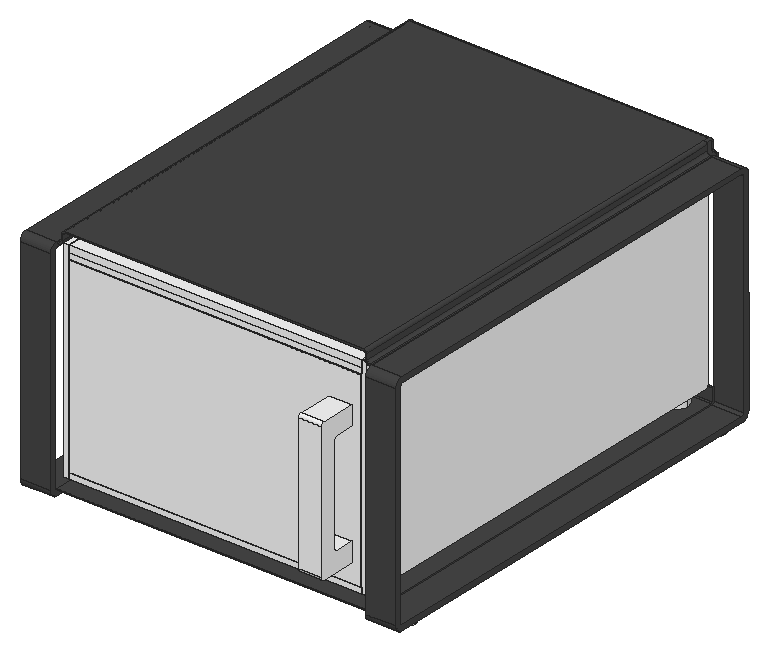
Revit family "QF_Vollrath_SBC12F-06", category Specialty Equipment, Revit 2016
Family settings
  Part Type = Normal
  Round Connector Dimension = Use Diameter
  OmniClass Number = 23.40.40.00
  OmniClass Title = Food Service Equipment and Furnishings
  Work Plane-Based = Yes
  Always vertical = Yes
  Cut with Voids When Loaded = No
  Shared = No
  Room Calculation Point = No
Parameters
  Width = 12 3/8"
  Weight in Pounds = 0
  Watermarked By = ""
  URL Cutsheet = ""
  Specification by User [instance] = ""
  Specification by Manufacturer [instance] = ""
  Serial Number [instance] = ""
  Revision Code [instance] = ""
  NAFEM Spec ID Number [instance] = ""
  Model = "SBC12F-06"
  Masterspec [instance] = ""
  Manufacturer = "Vollrath"
  Item Number [instance] = "-"
  Installed By [instance] = ""
  Height = 7 7/8"
  Furnished By [instance] = ""
  Foodservice Equipment Identifier = yes
  Description = "1/2 Display Bin with Front Doors & Black Frame"
  Depth = 14 1/2"
  Default Elevation = 48"
  CSI MasterFormat = ""
Reference planes (in)
  plane 1 "BACK": y = 0
  plane 2 "BOTTOM": z = 0
  plane 3 "LEFT": x = -16.56573
  plane 4 "RIGHT": x = -4.19073
  plane 5 "Front Inner": y = -14.5
  plane 6 "Bottom of Body": z = 0.16
  plane 7 "TOP": z = 8.035
  plane 8: z = 5.305
  plane 9 "Bottom Handle": z = 4.555
  plane 10 "Caster Left": x = -16.06573
  plane 11 "Caster Right": x = -4.69073
  plane 12 "Caster Back": y = -0.75
  plane 13 "Caster Front": y = -13.5
  plane 14 "Center LR": x = -10.37823
  plane 15 "L1": x = -15.56573
  plane 16: x = -5.19073
  plane 17: z = 0.25
Forms (in)
  Blend 1, solid, material "QF_Plastic-White-Transparent"
    base sketch origin (0, 0, 0) x (1, 0, 0) y (0, 1, 0)
      loop
        circle (-16.06573, -0.75) r 0.35
    top sketch origin (0, 0, 0) x (1, 0, 0) y (0, 1, 0)
      loop
        circle (-16.06573, -0.75) r 0.38
    from 0 to 0.16
  Blend 2, solid, material "QF_Plastic-White-Transparent"
    base sketch origin (0, 0, 0) x (1, 0, 0) y (0, 1, 0)
      loop
        circle (-4.69073, -0.75) r 0.35
    top sketch origin (0, 0, 0) x (1, 0, 0) y (0, 1, 0)
      loop
        circle (-4.69073, -0.75) r 0.38
    from 0 to 0.16
  Blend 3, solid, material "QF_Plastic-White-Transparent"
    base sketch origin (0, 0, 0) x (1, 0, 0) y (0, 1, 0)
      loop
        circle (-16.06573, -13.5) r 0.35
    top sketch origin (0, 0, 0) x (1, 0, 0) y (0, 1, 0)
      loop
        circle (-16.06573, -13.5) r 0.38
    from 0 to 0.16
  Blend 4, solid, material "QF_Plastic-White-Transparent"
    base sketch origin (0, 0, 0) x (1, 0, 0) y (0, 1, 0)
      loop
        circle (-4.69073, -13.5) r 0.35
    top sketch origin (0, 0, 0) x (1, 0, 0) y (0, 1, 0)
      loop
        circle (-4.69073, -13.5) r 0.38
    from 0 to 0.16
  Extrusion 5, solid, material "QF_Steel-Paint Finish-Black"
    sketch origin (-16.56573, 0, 0) x (0, 1, 0) y (0, 0, 1)
      loop
        arc (-0.25, 0.16) -> (-0.07322, 0.23322) -> (0, 0.41) r 0.25
        line (0, 0.41) -> (0, 7.41)
        arc (0, 7.41) -> (-0.07322, 7.58678) -> (-0.25, 7.66) r 0.25
        line (-0.25, 7.66) -> (-14.25, 7.66)
        arc (-14.25, 7.66) -> (-14.42678, 7.58678) -> (-14.5, 7.41) r 0.25
        line (-14.5, 7.41) -> (-14.5, 0.41)
        arc (-14.5, 0.41) -> (-14.42678, 0.23322) -> (-14.25, 0.16) r 0.25
        line (-14.25, 0.16) -> (-0.25, 0.16)
      loop
        arc (-0.17187, 7.41) -> (-0.19476, 7.46524) -> (-0.25, 7.48813) r 0.07813
        line (-0.25, 7.48813) -> (-14.25, 7.48813)
        arc (-14.25, 7.48813) -> (-14.30524, 7.46524) -> (-14.32813, 7.41) r 0.07813
        line (-14.32813, 7.41) -> (-14.32813, 0.41)
        arc (-14.32813, 0.41) -> (-14.30524, 0.35476) -> (-14.25, 0.33187) r 0.07813
        line (-14.25, 0.33187) -> (-0.25, 0.33187)
        arc (-0.25, 0.33187) -> (-0.19476, 0.35476) -> (-0.17187, 0.41) r 0.07813
        line (-0.17187, 0.41) -> (-0.17187, 7.41)
    from 0 to 1
  Extrusion 6, solid, material "QF_Steel-Paint Finish-Black"
    sketch origin (-4.19073, 0, 0) x (0, 1, 0) y (0, 0, 1)
      loop
        line (-14.25, 0.16) -> (-0.25, 0.16)
        arc (-0.25, 0.16) -> (-0.07322, 0.23322) -> (0, 0.41) r 0.25
        line (0, 0.41) -> (0, 7.41)
        arc (0, 7.41) -> (-0.07322, 7.58678) -> (-0.25, 7.66) r 0.25
        line (-0.25, 7.66) -> (-14.25, 7.66)
        arc (-14.25, 7.66) -> (-14.42678, 7.58678) -> (-14.5, 7.41) r 0.25
        line (-14.5, 7.41) -> (-14.5, 0.41)
        arc (-14.5, 0.41) -> (-14.42678, 0.23322) -> (-14.25, 0.16) r 0.25
      loop
        line (-14.25, 0.33187) -> (-0.25, 0.33187)
        arc (-0.25, 0.33187) -> (-0.19476, 0.35476) -> (-0.17188, 0.41) r 0.07813
        line (-0.17188, 0.41) -> (-0.17188, 7.41)
        arc (-0.17188, 7.41) -> (-0.19476, 7.46524) -> (-0.25, 7.48813) r 0.07813
        line (-0.25, 7.48813) -> (-14.25, 7.48813)
        arc (-14.25, 7.48813) -> (-14.30524, 7.46524) -> (-14.32812, 7.41) r 0.07813
        line (-14.32812, 7.41) -> (-14.32812, 0.41)
        arc (-14.32812, 0.41) -> (-14.30524, 0.35476) -> (-14.25, 0.33187) r 0.07813
    from 0 to -1
  Extrusion 7, solid, material "QF_Steel-Paint Finish-Black"
    sketch origin (-15.56573, 0, 0) x (0, 1, 0) y (0, 0, 1)
      loop
        arc (-0.25, 0.33187) -> (-0.19476, 0.35476) -> (-0.17187, 0.41) r 0.07813
        line (-0.17187, 0.41) -> (-0.17187, 0.83187) -> (-0.21187, 0.83187) -> (-0.21187, 0.41)
        arc (-0.21187, 0.41) -> (-0.22304, 0.38304) -> (-0.25, 0.37187) r 0.03813
        line (-0.25, 0.37187) -> (-14.25, 0.37187) -> (-14.25, 0.33187) -> (-0.25, 0.33187)
    from 0 to 10.375
  Extrusion 8, solid, material "QF_Steel-Paint Finish-Black"
    sketch origin (0, 0, 0) x (1, 0, 0) y (0, 0, 1)
      loop
        arc (-15.29573, 8.035) -> (-15.36644, 8.00571) -> (-15.39573, 7.935) r 0.1
        line (-15.39573, 7.935) -> (-15.39573, 7.76)
        arc (-15.39573, 7.76) -> (-15.42501, 7.68929) -> (-15.49573, 7.66) r 0.1
        line (-15.49573, 7.66) -> (-15.56573, 7.66) -> (-15.56573, 7.62) -> (-15.49573, 7.62)
        arc (-15.49573, 7.62) -> (-15.39673, 7.66101) -> (-15.35573, 7.76) r 0.14
        line (-15.35573, 7.76) -> (-15.35573, 7.935)
        arc (-15.35573, 7.935) -> (-15.33815, 7.97743) -> (-15.29573, 7.995) r 0.06
        line (-15.29573, 7.995) -> (-5.46073, 7.995)
        arc (-5.46073, 7.995) -> (-5.4183, 7.97743) -> (-5.40073, 7.935) r 0.06
        line (-5.40073, 7.935) -> (-5.40073, 7.76)
        arc (-5.40073, 7.76) -> (-5.35972, 7.66101) -> (-5.26073, 7.62) r 0.14
        line (-5.26073, 7.62) -> (-5.19073, 7.62) -> (-5.19073, 7.66) -> (-5.26073, 7.66)
        arc (-5.26073, 7.66) -> (-5.33144, 7.68929) -> (-5.36073, 7.76) r 0.1
        line (-5.36073, 7.76) -> (-5.36073, 7.935)
        arc (-5.36073, 7.935) -> (-5.39001, 8.00571) -> (-5.46073, 8.035) r 0.1
        line (-5.46073, 8.035) -> (-15.29573, 8.035)
    from 0.25 to 14.25
  Extrusion 9, solid, material "QF_Steel-Paint Finish-Black"
    sketch origin (-15.56573, 0, 0) x (0, 1, 0) y (0, 0, 1)
      loop
        line (-0.25, 8.035) -> (-0.25, 7.995) -> (-0.04, 7.995) -> (-0.04, 7.535) -> (0, 7.535) -> (0, 7.997)
        arc (0, 7.997) -> (-0.01113, 8.02387) -> (-0.038, 8.035) r 0.038
        line (-0.038, 8.035) -> (-0.25, 8.035)
    from 0 to 10.375
  Extrusion 10, void
    sketch origin (0, 0, 0) x (1, 0, 0) y (0, 0, 1)
      loop
        arc (-15.49573, 7.66) -> (-15.42501, 7.68929) -> (-15.39573, 7.76) r 0.1
        line (-15.39573, 7.76) -> (-15.39573, 7.935)
        arc (-15.39573, 7.935) -> (-15.36644, 8.00571) -> (-15.29573, 8.035) r 0.1
        line (-15.29573, 8.035) -> (-15.56573, 8.035) -> (-15.56573, 7.66) -> (-15.49573, 7.66)
      loop
        line (-5.26073, 7.66) -> (-5.19073, 7.66) -> (-5.19073, 8.035) -> (-5.46073, 8.035)
        arc (-5.46073, 8.035) -> (-5.39001, 8.00571) -> (-5.36073, 7.935) r 0.1
        line (-5.36073, 7.935) -> (-5.36073, 7.76)
        arc (-5.36073, 7.76) -> (-5.33144, 7.68929) -> (-5.26073, 7.66) r 0.1
    from 0 to 1
Cuts and joins
  Extrusion 10 cuts Extrusion 8
  Extrusion 10 cuts Extrusion 9
  joined: Extrusion 8, Extrusion 9
Lines and regions (in)
  symbolic lines
    curve 1: line (-16.56573, 0, 0) -> (-4.19073, 0, 0)
    curve 2: line (-16.56573, -14.5, 0) -> (-16.56573, 0, 0)
    curve 3: line (-4.19073, 0, 0) -> (-4.19073, -14.5, 0)
    curve 6: line (-16.56573, -14.5, 0) -> (-15.56573, -14.5, 0)
    curve 7: line (-4.19073, -14.5, 0) -> (-5.19073, -14.5, 0)
  symbolic lines, style "QF_Details_Surface"
    curve 4: line (-15.56573, -14.5, 0) -> (-15.56573, 0, 0)
    curve 5: line (-5.19073, 0, 0) -> (-5.19073, -14.5, 0)
    curve 8: line (-15.56573, -14.25, 0) -> (-5.19073, -14.25, 0)
Dimensions and locks (in)
  "Width": plane 3 "LEFT" to plane 4 "RIGHT"
  "Depth": plane 5 "Front Inner" to plane 1 "BACK"
  locked: plane 6 "Bottom of Body" to plane 2 "BOTTOM" at 0.16
  "Height": plane 7 "TOP" to plane 6 "Bottom of Body"
  plane 7 "TOP" to plane 8 = 2.73"
  locked: plane 8 to plane 9 "Bottom Handle" at 0.75
  locked: plane 12 "Caster Back" to plane 1 "BACK" at 0.75
  locked: plane 5 "Front Inner" to plane 13 "Caster Front" at 1
  equal spacing: plane 3 "LEFT", plane 14 "Center LR", plane 4 "RIGHT"
  locked: plane 3 "LEFT" to plane 15 "L1" at 1
  locked: plane 16 to plane 4 "RIGHT" at 1
  equal spacing: plane 3 "LEFT", plane 10 "Caster Left", plane 15 "L1"
  equal spacing: plane 16, plane 11 "Caster Right", plane 4 "RIGHT"
  locked: plane 17 to plane 2 "BOTTOM" at 0.25
  aligned and locked: level to plane 2 "BOTTOM"
  aligned and locked: plane 6 "Bottom of Body" to Blend 1
  aligned and locked: plane 6 "Bottom of Body" to Blend 2
  aligned and locked: plane 6 "Bottom of Body" to Blend 3
  aligned and locked: plane 6 "Bottom of Body" to Blend 4
  aligned and locked: Extrusion 5 sketch curve to plane 5 "Front Inner"
  aligned and locked: Extrusion 5 sketch curve to plane 6 "Bottom of Body"
  aligned and locked: plane 1 "BACK" to Extrusion 5 sketch curve
  aligned and locked: plane 16 to Extrusion 7
  aligned and locked: plane 16 to Extrusion 8 sketch curve
  aligned and locked: plane 15 "L1" to Extrusion 8 sketch curve
  aligned and locked: plane 16 to Extrusion 9
  aligned and locked: curve 4 to Extrusion 5
  aligned and locked: curve 5 to Extrusion 6
  aligned and locked: curve 6 to Extrusion 5
  aligned and locked: curve 7 to Extrusion 6
  aligned and locked: curve 8 to Extrusion 7
  aligned and locked: plane 14 "Center LR" to nested 1
Automatic sketch dimensions
  Blend 1 sketch curve to plane 10 "Caster Left" = 0"  (x2)
  plane 12 "Caster Back" to Blend 1 sketch curve = 0"  (x2)
  Blend 2 sketch curve to plane 11 "Caster Right" = 0"  (x2)
  plane 12 "Caster Back" to Blend 2 sketch curve = 0"  (x2)
  Blend 3 sketch curve to plane 10 "Caster Left" = 0"  (x2)
  plane 13 "Caster Front" to Blend 3 sketch curve = 0"  (x2)
  Blend 4 sketch curve to plane 11 "Caster Right" = 0"  (x2)
  plane 13 "Caster Front" to Blend 4 sketch curve = 0"  (x2)
  Extrusion 5 sketch curve to plane 5 "Front Inner" = 1/4"  (x2)
  plane 1 "BACK" to Extrusion 5 sketch curve = 1/4"  (x2)
  Extrusion 5 sketch curve to plane 7 "TOP" = 5/8"
  Extrusion 5 sketch curve to Extrusion 5 sketch curve = 0"  (x7)
  Extrusion 5 sketch curve to plane 5 "Front Inner" = 11/64"
  Extrusion 6 sketch curve to Extrusion 6 sketch curve = 0"  (x8)
  Extrusion 6 sketch curve to plane 5 "Front Inner" = 0"
  Extrusion 6 sketch curve to plane 6 "Bottom of Body" = 0"
  Extrusion 6 sketch curve to plane 1 "BACK" = 0"
  Extrusion 6 sketch curve to Extrusion 6 sketch curve = 11/64"
  Extrusion 6 sketch curve to plane 5 "Front Inner" = 1/4"
  Extrusion 6 sketch curve to Extrusion 6 sketch curve = 5/64"  (x2)
  plane 1 "BACK" to Extrusion 6 sketch curve = 1/4"
  Extrusion 6 sketch curve to plane 7 "TOP" = 5/8"
  Extrusion 7 sketch curve to Extrusion 7 sketch curve = 0"  (x2)
  plane 1 "BACK" to Extrusion 7 sketch curve = 1/4"
  plane 1 "BACK" to Extrusion 7 sketch curve = 0.21187"
  Extrusion 7 sketch curve to Extrusion 7 sketch curve = 0.04"
  plane 17 to Extrusion 7 sketch curve = 0.08188"
  Extrusion 7 sketch curve to Extrusion 7 sketch curve = 27/64"
  Extrusion 7 sketch curve to plane 5 "Front Inner" = 1/4"
  Extrusion 8 sketch curve to Extrusion 8 sketch curve = 0"  (x8)
  Extrusion 8 sketch curve to plane 7 "TOP" = 0"
  plane 15 "L1" to Extrusion 8 sketch curve = 0.07"
  Extrusion 8 sketch curve to Extrusion 8 sketch curve = 0.1"
  Extrusion 8 sketch curve to Extrusion 8 sketch curve = 0.04"
  Extrusion 8 sketch curve to Extrusion 8 sketch curve = 0.06"  (x2)
  Extrusion 8 sketch curve to plane 16 = 0.27"
  Extrusion 8 sketch curve to plane 16 = 0.07"
  Extrusion 8 sketch curve to Extrusion 8 sketch curve = 0.175"  (x2)
  Extrusion 9 sketch curve to plane 7 "TOP" = 0"
  Extrusion 9 sketch curve to plane 1 "BACK" = 0"
  plane 1 "BACK" to Extrusion 9 sketch curve = 0.038"
  Extrusion 9 sketch curve to Extrusion 9 sketch curve = 0.002"  (x2)
  Extrusion 9 sketch curve to Extrusion 9 sketch curve = 0.46"
  Extrusion 9 sketch curve to Extrusion 9 sketch curve = 0.212"
  Extrusion 10 sketch curve to plane 15 "L1" = 0"
  Extrusion 10 sketch curve to plane 7 "TOP" = 0"  (x3)
  Extrusion 10 sketch curve to plane 16 = 0"
  plane 15 "L1" to Extrusion 10 sketch curve = 0.07"
  Extrusion 10 sketch curve to plane 7 "TOP" = 0.1"  (x2)
  plane 15 "L1" to Extrusion 10 sketch curve = 0.17"
  Extrusion 10 sketch curve to plane 16 = 0.27"
  Extrusion 10 sketch curve to plane 16 = 0.07"
  Extrusion 10 sketch curve to Extrusion 10 sketch curve = 0.175"  (x2)
  Extrusion 10 sketch curve to Extrusion 10 sketch curve = 0"
  plane 1 "BACK" to curve 1 = 0"
  curve 1 to plane 3 "LEFT" = 0"
  curve 3 to plane 4 "RIGHT" = 0"
  radius of Blend 1 sketch curve = 0.35"
  radius of Blend 1 sketch curve = 0.38"
  radius of Blend 2 sketch curve = 0.35"
  radius of Blend 2 sketch curve = 0.38"
  radius of Blend 3 sketch curve = 0.35"
  radius of Blend 3 sketch curve = 0.38"
  radius of Blend 4 sketch curve = 0.35"
  radius of Blend 4 sketch curve = 0.38"
Nested families (in)
  nested 1: "QF_Vollrath_SBC12F-06_Case" at (-21.94395, -0.2, 0.37187) x (-1, 0, 0) z (0, 0, 1), type "QF_Vollrath_SBC12F-06_Case"
    with Width 10", Specification by User "", Specification by Manufacturer "", Serial Number "", Revision Code "", NAFEM Spec ID Number "", Masterspec "", Item Number "-", Installed By "", Height 6 233/256", Furnished By "", Depth 14"
Definition of nested family "QF_Vollrath_SBC12F-06_Case"
  Parameters
    Width [instance] = 10"
    Weight in Pounds = 0
    Watermarked By = ""
    URL Cutsheet = ""
    Specification by User [instance] = ""
    Specification by Manufacturer [instance] = ""
    Serial Number [instance] = ""
    Revision Code [instance] = ""
    NAFEM Spec ID Number [instance] = ""
    Model = "SBC12"
    Masterspec [instance] = ""
    Manufacturer = "Vollrath"
    Item Number [instance] = "-"
    Installed By [instance] = ""
    Height [instance] = 7 3/8"
    Furnished By [instance] = ""
    Foodservice Equipment Identifier = yes
    Description = "1/2 Display Bin with Front Door"
    Depth [instance] = 14"
    Default Elevation = 48"
    CSI MasterFormat = ""
  Reference planes (in)
    plane 1 "BACK": y = 0
    plane 2 "BOTTOM": z = 0
    plane 3 "LEFT": x = -16.56573
    plane 4 "RIGHT": x = -6.56573
    plane 5 "Front Inner": y = -14
    plane 6 "FRONT": y = -15.2462
    plane 7 "Bottom of Body": z = 0.38
    plane 8 "TOP": z = 7.755
    plane 9 "Caster Left": x = -16.00573
    plane 10 "Caster Right": x = -7.12573
    plane 11 "Caster Back": y = -0.56
    plane 12 "Caster Front": y = -13
    plane 13 "Center LR": x = -11.56573
    plane 14 "Handle Left": x = -16.06573
    plane 15: x = -15.31573
    plane 16: z = 1.19
    plane 17: z = 1.83
    plane 18: z = 5.68
    plane 19: z = 6.32
  Forms (in)
    Extrusion 1, solid
      sketch origin (0, 0, 0) x (1, 0, 0) y (0, 0, 1)
        loop
          line (-16.56573, 7.755) -> (-16.56573, 0.38) -> (-16.39573, 0.38) -> (-16.39573, 7.755) -> (-16.56573, 7.755)
      from 0 to 14
    Extrusion 2, solid
      sketch origin (0, 0, 0) x (1, 0, 0) y (0, 0, 1)
        loop
          line (-6.56573, 7.755) -> (-6.73573, 7.755) -> (-6.73573, 0.38) -> (-6.56573, 0.38) -> (-6.56573, 7.755)
      from 0 to 14
    Extrusion 3, solid
      sketch origin (0, 0, 0) x (1, 0, 0) y (0, 0, 1)
        loop
          line (-16.39573, 0.38) -> (-6.73573, 0.38) -> (-6.73573, 0.55) -> (-16.39573, 0.55) -> (-16.39573, 0.38)
      from 0 to 14
    Extrusion 4, solid
      sketch origin (0, 0, 0) x (1, 0, 0) y (0, 0, 1)
        loop
          line (-16.39573, 7.755) -> (-16.39573, 7.505) -> (-6.73573, 7.505) -> (-6.73573, 7.755) -> (-16.39573, 7.755)
      from 0 to 14
    Extrusion 5, solid
      sketch origin (0, 0, 0) x (1, 0, 0) y (0, 0, 1)
        loop
          line (-16.39573, 7.505) -> (-16.39573, 7.335) -> (-6.73573, 7.335) -> (-6.73573, 7.505) -> (-16.39573, 7.505)
      from 0 to 14
    Extrusion 6, solid
      sketch origin (0, 0, 0) x (1, 0, 0) y (0, 0, 1)
        loop
          line (-6.73573, 7.335) -> (-16.39573, 7.335) -> (-16.39573, 0.55) -> (-6.73573, 0.55) -> (-6.73573, 7.335)
      from 0 to 0.17
    Extrusion 7, solid
      sketch origin (0, -14, 0) x (1, 0, 0) y (0, 0, 1)
        loop
          arc (-6.79573, 0.58) -> (-6.77451, 0.58879) -> (-6.76573, 0.61) r 0.03
          line (-6.76573, 0.61) -> (-6.76573, 7.275)
          arc (-6.76573, 7.275) -> (-6.77451, 7.29621) -> (-6.79573, 7.305) r 0.03
          line (-6.79573, 7.305) -> (-16.33573, 7.305)
          arc (-16.33573, 7.305) -> (-16.35694, 7.29621) -> (-16.36573, 7.275) r 0.03
          line (-16.36573, 7.275) -> (-16.36573, 0.61)
          arc (-16.36573, 0.61) -> (-16.35694, 0.58879) -> (-16.33573, 0.58) r 0.03
          line (-16.33573, 0.58) -> (-6.79573, 0.58)
      from 0 to -0.17
    Extrusion 8, solid
      sketch origin (0, -14, 0) x (1, 0, 0) y (0, 0, 1)
        loop
          line (-16.36573, 4.175) -> (-16.36573, 0.61)
          arc (-16.36573, 0.61) -> (-16.35694, 0.58879) -> (-16.33573, 0.58) r 0.03
          line (-16.33573, 0.58) -> (-6.79573, 0.58)
          arc (-6.79573, 0.58) -> (-6.77451, 0.58879) -> (-6.76573, 0.61) r 0.03
          line (-6.76573, 0.61) -> (-6.76573, 4.175) -> (-6.93573, 4.175) -> (-6.93573, 0.75) -> (-16.19573, 0.75) -> (-16.19573, 4.175) -> (-16.36573, 4.175)
      from -0.17 to -13.44
    Extrusion 9, solid
      sketch origin (0, -0.56, 0) x (1, 0, 0) y (0, 0, 1)
        loop
          line (-6.76573, 4.555) -> (-16.36573, 4.555) -> (-16.36573, 0.61)
          arc (-16.36573, 0.61) -> (-16.35694, 0.58879) -> (-16.33573, 0.58) r 0.03
          line (-16.33573, 0.58) -> (-6.79573, 0.58)
          arc (-6.79573, 0.58) -> (-6.77451, 0.58879) -> (-6.76573, 0.61) r 0.03
          line (-6.76573, 0.61) -> (-6.76573, 4.555)
      from 0 to -0.17
    Blend 10, solid
      base sketch origin (0, 0, 0) x (1, 0, 0) y (0, 1, 0)
        loop
          circle (-16.00573, -0.56) r 0.35
      top sketch origin (0, 0, 0) x (1, 0, 0) y (0, 1, 0)
        loop
          circle (-16.00573, -0.56) r 0.38
      from 0 to 0.38
    Blend 11, solid
      base sketch origin (0, 0, 0) x (1, 0, 0) y (0, 1, 0)
        loop
          circle (-7.12573, -0.56) r 0.35
      top sketch origin (0, 0, 0) x (1, 0, 0) y (0, 1, 0)
        loop
          circle (-7.12573, -0.56) r 0.38
      from 0 to 0.38
    Blend 12, solid
      base sketch origin (0, 0, 0) x (1, 0, 0) y (0, 1, 0)
        loop
          circle (-16.00573, -13) r 0.35
      top sketch origin (0, 0, 0) x (1, 0, 0) y (0, 1, 0)
        loop
          circle (-16.00573, -13) r 0.38
      from 0 to 0.38
    Blend 13, solid
      base sketch origin (0, 0, 0) x (1, 0, 0) y (0, 1, 0)
        loop
          circle (-7.12573, -13) r 0.35
      top sketch origin (0, 0, 0) x (1, 0, 0) y (0, 1, 0)
        loop
          circle (-7.12573, -13) r 0.38
      from 0 to 0.38
    Extrusion 14, solid
      sketch origin (-16.06573, 0, 0) x (0, 1, 0) y (0, 0, 1)
        loop
          line (-14, 1.19) -> (-14, 1.83) -> (-14.64464, 1.83)
          arc (-14.64464, 1.83) -> (-14.71645, 1.85975) -> (-14.7462, 1.93156) r 0.10156
          line (-14.7462, 1.93156) -> (-14.7462, 5.57844)
          arc (-14.7462, 5.57844) -> (-14.71645, 5.65025) -> (-14.64464, 5.68) r 0.10156
          line (-14.64464, 5.68) -> (-14, 5.68) -> (-14, 6.32) -> (-15.14464, 6.32)
          arc (-15.14464, 6.32) -> (-15.21645, 6.29025) -> (-15.2462, 6.21844) r 0.10156
          line (-15.2462, 6.21844) -> (-15.2462, 1.29156)
          arc (-15.2462, 1.29156) -> (-15.21645, 1.21975) -> (-15.14464, 1.19) r 0.10156
          line (-15.14464, 1.19) -> (-14, 1.19)
      from 0 to 0.75
    Extrusion 15, solid, detail levels coarse+medium
      sketch origin (0, 0, 7.755) x (0, 1, 0) y (-1, 0, 0)
        loop
          arc (-14, 16.56573) -> (-21.07107, 13.63679) -> (-24, 6.56573) r 10
          line (-24, 6.56573) -> (-14, 6.56573) -> (-14, 16.56573)
      from 0 to -7.375
  Lines and regions (in)
    symbolic lines
      curve 1: line (-16.56573, 0, 0) -> (-6.56573, 0, 0)
      curve 2: line (-16.56573, -14, 0) -> (-16.56573, 0, 0)
      curve 3: line (-6.56573, -14, 0) -> (-16.56573, -14, 0)
      curve 4: line (-6.56573, 0, 0) -> (-6.56573, -14, 0)
      curve 5: line (-15.31573, -15.2462, 0) -> (-15.31573, -14, 0)
      curve 6: line (-15.31573, -15.2462, 0) -> (-16.06573, -15.2462, 0)
      curve 7: line (-16.06573, -14, 0) -> (-16.06573, -15.2462, 0)
      curve 8: line (-6.56573, -24, 7.755) -> (-6.56573, -14, 7.755)
      curve 9: arc (-16.56573, -14, 7.755) -> (-13.63679, -21.07107, 7.755) -> (-6.56573, -24, 7.755) r 10
  Dimensions and locks (in)
    "Width": plane 3 "LEFT" to plane 4 "RIGHT"
    "Depth": plane 5 "Front Inner" to plane 1 "BACK"
    locked: plane 6 "FRONT" to plane 5 "Front Inner" at 1.2462
    locked: plane 7 "Bottom of Body" to plane 2 "BOTTOM" at 0.38
    "Height": plane 8 "TOP" to plane 7 "Bottom of Body"
    locked: plane 3 "LEFT" to plane 9 "Caster Left" at 0.56
    locked: plane 10 "Caster Right" to plane 4 "RIGHT" at 0.56
    locked: plane 11 "Caster Back" to plane 1 "BACK" at 0.56
    locked: plane 5 "Front Inner" to plane 12 "Caster Front" at 1
    locked: plane 3 "LEFT" to Extrusion 1 sketch curve at 0.17
    locked: Extrusion 2 sketch curve to plane 4 "RIGHT" at 0.17
    locked: Extrusion 3 sketch curve to plane 7 "Bottom of Body" at 0.17
    locked: plane 8 "TOP" to Extrusion 5 sketch curve at 0.42
    locked: plane 8 "TOP" to Extrusion 5 sketch curve at 0.25
    equal spacing: plane 3 "LEFT", plane 13 "Center LR", plane 4 "RIGHT"
    locked: plane 3 "LEFT" to plane 14 "Handle Left" at 0.5
    locked: plane 14 "Handle Left" to plane 15 at 0.75
    locked: plane 16 to plane 7 "Bottom of Body" at 0.81
    locked: plane 17 to plane 16 at 0.64
    locked: plane 19 to plane 18 at 0.64
    locked: plane 8 "TOP" to plane 19 at 1.435
    aligned and locked: level to plane 2 "BOTTOM"
    aligned and locked: Extrusion 1 sketch curve to plane 3 "LEFT"
    aligned and locked: plane 8 "TOP" to Extrusion 1 sketch curve
    aligned and locked: Extrusion 1 sketch curve to plane 7 "Bottom of Body"
    aligned and locked: Extrusion 2 sketch curve to plane 4 "RIGHT"
    aligned and locked: Extrusion 2 sketch curve to plane 7 "Bottom of Body"
    aligned and locked: plane 8 "TOP" to Extrusion 2 sketch curve
    aligned and locked: plane 5 "Front Inner" to Extrusion 1
    aligned and locked: plane 5 "Front Inner" to Extrusion 2
    aligned and locked: Extrusion 3 sketch curve to plane 7 "Bottom of Body"
    aligned and locked: Extrusion 3 sketch curve to Extrusion 1
    aligned and locked: Extrusion 3 sketch curve to Extrusion 2
    aligned and locked: Extrusion 4 sketch curve to plane 8 "TOP"
    aligned and locked: Extrusion 1 to Extrusion 4 sketch curve
    aligned and locked: Extrusion 4 sketch curve to Extrusion 2
    aligned and locked: Extrusion 1 to Extrusion 5 sketch curve
    aligned and locked: Extrusion 5 sketch curve to Extrusion 2
    aligned and locked: plane 5 "Front Inner" to Extrusion 4
    aligned and locked: plane 5 "Front Inner" to Extrusion 5
    aligned and locked: plane 5 "Front Inner" to Extrusion 3
    aligned and locked: Extrusion 6 sketch curve to Extrusion 5  (x2)
    aligned and locked: Extrusion 6 sketch curve to Extrusion 3  (x2)
    aligned and locked: plane 7 "Bottom of Body" to Blend 10
    aligned and locked: plane 7 "Bottom of Body" to Blend 11
    aligned and locked: plane 7 "Bottom of Body" to Blend 12
    aligned and locked: plane 7 "Bottom of Body" to Blend 13
    aligned and locked: curve 1 to Extrusion 1
    aligned and locked: curve 2 to Extrusion 1
    aligned and locked: curve 3 to Extrusion 2
    aligned and locked: curve 4 to Extrusion 2
    aligned and locked: plane 5 "Front Inner" to Extrusion 14 sketch curve  (x2)
    aligned and locked: plane 6 "FRONT" to Extrusion 14 sketch curve
    aligned and locked: plane 19 to Extrusion 14 sketch curve
    aligned and locked: plane 18 to Extrusion 14 sketch curve
    aligned and locked: Extrusion 14 sketch curve to plane 16
    aligned and locked: Extrusion 14 sketch curve to plane 17
    aligned and locked: plane 15 to Extrusion 14
    aligned and locked: curve 5 to Extrusion 14
    aligned and locked: curve 6 to plane 6 "FRONT"
    aligned and locked: curve 7 to Extrusion 14
    aligned and locked: plane 5 "Front Inner" to Extrusion 15 sketch curve
    aligned and locked: Extrusion 15 sketch curve to plane 4 "RIGHT"
    aligned and locked: Extrusion 15 to plane 7 "Bottom of Body"
    aligned and locked: curve 8 to Extrusion 15
    aligned and locked: curve 9 to Extrusion 15
  Automatic sketch dimensions
    Extrusion 4 sketch curve to Extrusion 4 sketch curve = 1/4"
    plane 3 "LEFT" to Extrusion 7 sketch curve = 0.2"
    Extrusion 7 sketch curve to Extrusion 7 sketch curve = 0.03"  (x3)
    Extrusion 7 sketch curve to plane 4 "RIGHT" = 0.23"  (x2)
    plane 7 "Bottom of Body" to Extrusion 7 sketch curve = 0.2"
    Extrusion 7 sketch curve to plane 8 "TOP" = 0.48"
    plane 3 "LEFT" to Extrusion 8 sketch curve = 0.2"
    Extrusion 8 sketch curve to Extrusion 8 sketch curve = 0.03"  (x2)
    Extrusion 8 sketch curve to plane 9 "Caster Left" = 0.19"
    plane 10 "Caster Right" to Extrusion 8 sketch curve = 0.19"
    Extrusion 8 sketch curve to Extrusion 8 sketch curve = 0.14"  (x2)
    plane 7 "Bottom of Body" to Extrusion 8 sketch curve = 0.2"
    plane 3 "LEFT" to Extrusion 9 sketch curve = 0.2"
    Extrusion 9 sketch curve to plane 4 "RIGHT" = 0.2"
    plane 7 "Bottom of Body" to Extrusion 9 sketch curve = 0.23"
    Extrusion 9 sketch curve to Extrusion 9 sketch curve = 0.03"  (x2)
    Blend 10 sketch curve to plane 9 "Caster Left" = 0"  (x2)
    plane 11 "Caster Back" to Blend 10 sketch curve = 0"  (x2)
    Blend 11 sketch curve to plane 10 "Caster Right" = 0"  (x2)
    plane 11 "Caster Back" to Blend 11 sketch curve = 0"  (x2)
    Blend 12 sketch curve to plane 9 "Caster Left" = 0"  (x2)
    plane 12 "Caster Front" to Blend 12 sketch curve = 0"  (x2)
    Blend 13 sketch curve to plane 10 "Caster Right" = 0"  (x2)
    plane 12 "Caster Front" to Blend 13 sketch curve = 0"  (x2)
    Extrusion 8 sketch curve to Extrusion 8 sketch curve = 3.425"  (x2)
    Extrusion 9 sketch curve to plane 8 "TOP" = 3.2"
    Extrusion 14 sketch curve to plane 6 "FRONT" = 13/128"
    Extrusion 14 sketch curve to Extrusion 14 sketch curve = 13/128"  (x3)
    Extrusion 14 sketch curve to plane 6 "FRONT" = 1/2"
    Extrusion 15 sketch curve to plane 3 "LEFT" = 0"
    plane 5 "Front Inner" to curve 8 = 0"
    radius of Blend 10 sketch curve = 0.35"
    radius of Blend 10 sketch curve = 0.38"
    radius of Blend 11 sketch curve = 0.35"
    radius of Blend 11 sketch curve = 0.38"
    radius of Blend 12 sketch curve = 0.35"
    radius of Blend 12 sketch curve = 0.38"
    radius of Blend 13 sketch curve = 0.35"
    radius of Blend 13 sketch curve = 0.38"
